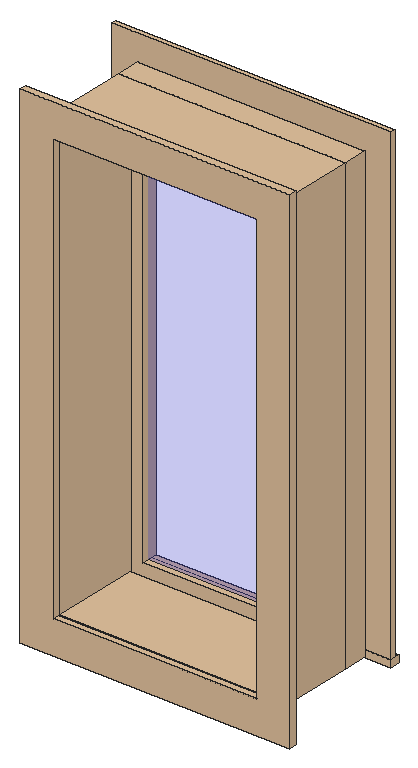
Revit family
Parameters (values of type "0610 x 1220mm")
  유리 창 재료 = 유리
  Height = 1220.00 mm
  섀시 = 섀시
  기본 씰 높이 = 915.00 mm
  자르기 외부 재료 = 자르기
  자르기 내부 재료 = 자르기
  자르기 투영 - 외부 = 13.00 mm
  자르기 투영 - 내부 = 19.00 mm
  자르기 폭 - 외부 = 89.00 mm
  자르기 폭 - 내부 = 89.00 mm
  Wall Closure = (empty or 0)
  Width = 610.00 mm
  창 인세트 = 19.00 mm
Types (10, lengths in mm): name | Height | 기본 씰 높이 | 자르기 투영 - 외부 | Width
  (no name) | 1220.00 | 915.00 | 13.00 | 610.00
  0915 x 1220mm | 1220.00 | 915.00 | 13.00 | 915.00
  0610 x 1220mm | 1220.00 | 915.00 | 13.00 | 610.00
  0610 x 0610mm | 610.00 | 915.00 | 13.00 | 610.00
  0406 x 0610mm | 610.00 | 915.00 | 13.00 | 406.00
  0406 x 1220mm | 1220.00 | 915.00 | 14.00 | 406.00
  0406 x 1830mm | 1830.00 | 305.00 | 13.00 | 406.00
  0610 x 1830mm | 1830.00 | 305.00 | 13.00 | 610.00
  0915 x 0610mm | 610.00 | 915.00 | 13.00 | 915.00
  0915 x 1830mm | 1830.00 | 305.00 | 13.00 | 915.00
Reference planes
  plane 1: y = 0
  plane 2: z = 0
  plane 3 "중심": x = -38.1
  plane 4 "왼쪽": x = -343.1
  plane 5 "오른쪽": x = 266.9
  plane 6 "씰": z = 915
  plane 7 "상단": z = 2135
  plane 8: y = 152.4
  plane 9: y = -152.4
  plane 10: y = 133.4
  plane 11: x = -324.05
  plane 12: x = -311.35
  plane 13: x = 247.85
  plane 14: x = 235.15
  plane 15: x = -413.05
  plane 16: x = -400.35
  plane 17: x = 324.15
  plane 18: x = 336.85
  plane 19: z = 2204.95
  plane 20: z = 2115.95
  plane 21: z = 2103.25
  plane 22: z = 2192.25
  plane 23: z = 946.75
  plane 24: z = 857.75
  plane 25 "마무리": y = 104.825
Forms (mm)
  Extrusion 1, solid, material "자르기" <- "자르기 외부 재료"
    sketch origin (0, 0, 0) x (1, 0, 0) y (0, 0, 1)
      loop
        line (-343.1, 2135) -> (-343.1, 915) -> (266.9, 915) -> (266.9, 2135) -> (-343.1, 2135)
      loop
        line (-324.05, 2115.95) -> (-324.05, 934.05) -> (247.85, 934.05) -> (247.85, 2115.95) -> (-324.05, 2115.95)
    from -152.4 to -88.95
  Extrusion 2, solid, material "자르기" <- "자르기 내부 재료"
    sketch origin (0, 0, 0) x (-1, 0, 0) y (0, 0, 1)
      loop
        line (-266.9, 2135) -> (-266.9, 915) -> (343.1, 915) -> (343.1, 2135) -> (-266.9, 2135)
      loop
        line (-235.15, 2103.25) -> (-235.15, 946.75) -> (311.35, 946.75) -> (311.35, 2103.25) -> (-235.15, 2103.25)
    from 88.95 to -152.4
  Extrusion 3, solid, material "섀시" <- "섀시"
    sketch origin (0, 0, 0) x (-1, 0, 0) y (0, 0, 1)
      loop
        line (-247.85, 2115.95) -> (-247.85, 934.05) -> (324.05, 934.05) -> (324.05, 2115.95) -> (-247.85, 2115.95)
      loop
        line (-203.4, 2071.5) -> (-203.4, 978.5) -> (279.6, 978.5) -> (279.6, 2071.5) -> (-203.4, 2071.5)
    from 88.95 to 133.4
  Extrusion 4, solid, material "유리" <- "유리 창 재료"
    sketch origin (-124.971, 0, -117.036) x (1, 0, 0) y (0, 0, 1)
      loop
        line (-154.629, 2188.536) -> (-154.629, 1095.536) -> (328.371, 1095.536) -> (328.371, 2188.536) -> (-154.629, 2188.536)
    from -117.525 to -104.825
  Extrusion 5, solid, material "자르기" <- "자르기 내부 재료"
    sketch origin (0, 0, 0) x (1, 0, 0) y (0, 0, 1)
      loop
        line (-311.35, 2103.25) -> (-311.35, 946.75) -> (235.15, 946.75) -> (235.15, 2103.25) -> (-311.35, 2103.25)
      loop
        line (-400.35, 2192.25) -> (-400.35, 857.75) -> (324.15, 857.75) -> (324.15, 2192.25) -> (-400.35, 2192.25)
    from 152.4 to 171.4
  Extrusion 6, solid, material "자르기" <- "자르기 외부 재료"
    sketch origin (0, 0, 0) x (-1, 0, 0) y (0, 0, 1)
      loop
        line (-247.85, 2115.95) -> (324.05, 2115.95) -> (324.05, 934.05) -> (413.05, 934.05) -> (413.05, 2204.95) -> (-336.85, 2204.95) -> (-336.85, 934.05) -> (-247.85, 934.05) -> (-247.85, 2115.95)
    from 152.4 to 165.4
  Extrusion 7, solid, material "자르기" <- "자르기 외부 재료"
    sketch origin (0, 0, 0) x (-1, 0, 0) y (0, 0, 1)
      loop
        line (-336.85, 934.05) -> (-336.85, 915) -> (413.05, 915) -> (413.05, 934.05) -> (-336.85, 934.05)
    from 152.4 to 178.1
Lines and regions (mm)
  Opening 1
    outline origin (-1524, -152.4, 0) x (1, 0, 0) y (0, 0, 1)
      loop
        line (1180.9, 2135) -> (1180.9, 915) -> (1790.9, 915) -> (1790.9, 2135) -> (1180.9, 2135)
  symbolic lines, style "WindowsFrameMullionProjection"
    curve 1: line (-343.1, 152.4, 0) -> (-324.05, 152.4, 0)
    curve 2: line (-324.05, 88.95, 0) -> (-324.05, 152.4, 0)
    curve 3: line (-324.05, 88.95, 0) -> (-311.35, 88.95, 0)
    curve 4: line (-311.35, -152.4, 0) -> (-311.35, 88.95, 0)
    curve 5: line (266.9, 152.4, 0) -> (247.85, 152.4, 0)
    curve 6: line (235.15, 88.95, 0) -> (235.15, -152.4, 0)
    curve 7: line (235.15, 88.95, 0) -> (247.85, 88.95, 0)
    curve 8: line (247.85, 88.95, 0) -> (247.85, 152.4, 0)
    curve 9: line (-324.05, 133.4, 0) -> (-279.6, 133.4, 0)
    curve 10: line (-324.05, 133.4, 0) -> (-324.05, 88.95, 0)
    curve 11: line (-324.05, 88.95, 0) -> (-279.6, 88.95, 0)
    curve 12: line (-279.6, 133.4, 0) -> (-279.6, 88.95, 0)
    curve 13: line (247.85, 133.4, 0) -> (203.4, 133.4, 0)
    curve 14: line (247.85, 133.4, 0) -> (247.85, 88.95, 0)
    curve 15: line (247.85, 88.95, 0) -> (203.4, 88.95, 0)
    curve 16: line (203.4, 133.4, 0) -> (203.4, 88.95, 0)
    curve 18: line (-311.35, -152.4, 0) -> (-343.1, -152.4, 0)
    curve 19: line (235.15, -152.4, 0) -> (266.9, -152.4, 0)
  symbolic lines, style "WindowsGlassProjection"
    curve 17: line (-279.6, 111.175, 0) -> (203.4, 111.175, 0)
Text (mm)
  text "외부" at (-1437.207, 1354.346, 0), in view "바닥 선"
  text "내부" at (-1490.695, -895.805, 0), in view "바닥 선"
  text "외부" at (0, 1108.87, 3415.022), in view "왼쪽"
  text "외부" at (0, 464.664, 3176.206), in view "오른쪽"
Dimensions and locks
  equal spacing: plane 4 "왼쪽", plane 3 "중심", plane 5 "오른쪽"
  "Width": plane 4 "왼쪽" to plane 5 "오른쪽"
  plane 2 to plane 24 to plane 6 "씰" to plane 21 to plane 7 "상단" = 857.75 mm, 57.25 mm, 1188.25 mm, 31.75 mm
  "창 인세트": plane 8 to plane 10
  locked: plane 10 to Extrusion 3 at 44.45
  locked: plane 10 to Extrusion 4 at 15.875
  locked: Extrusion 4 to Extrusion 4 at 12.7
  "자르기 투영 - 내부": Extrusion 5 to Extrusion 5
  "자르기 투영 - 외부": Extrusion 6 to Extrusion 6
  locked: Extrusion 7 sketch curve to Extrusion 1 at 19.05
  locked: Extrusion 7 to Extrusion 6 at 12.7
  locked: plane 4 "왼쪽" to plane 11 at 19.05
  locked: plane 13 to plane 5 "오른쪽" at 19.05
  locked: plane 14 to plane 5 "오른쪽" at 31.75
  locked: plane 4 "왼쪽" to plane 12 at 31.75
  "자르기 폭 - 외부": plane 13 to plane 18
  "자르기 폭 - 외부": plane 15 to plane 11
  locked: plane 20 to plane 7 "상단" at 19.05
  "자르기 폭 - 외부": plane 20 to plane 19
  "자르기 폭 - 내부": plane 16 to plane 12
  "자르기 폭 - 내부": plane 14 to plane 17
  locked: plane 7 "상단" to plane 21 at 31.75
  "자르기 폭 - 내부": plane 22 to plane 21
  locked: plane 23 to plane 6 "씰" at 31.75
  "자르기 폭 - 내부": plane 23 to plane 24
  "Height": plane 7 "상단" to plane 6 "씰"
  "기본 씰 높이": plane 6 "씰" to plane 2
  locked: plane 25 "마무리" to plane 8 at 47.575
  aligned and locked: plane 7 "상단" to Opening 1 sketch curve
  aligned and locked: plane 6 "씰" to Opening 1 sketch curve  (x2)
  aligned and locked: plane 5 "오른쪽" to Opening 1 sketch curve
  aligned and locked: plane 4 "왼쪽" to Opening 1 sketch curve
  aligned and locked: plane 9 to host wall
  aligned and locked: host wall to Extrusion 2
  aligned and locked: plane 10 to Extrusion 3
  aligned and locked: plane 8 to host wall
  aligned and locked: host wall to Extrusion 1
  aligned and locked: Extrusion 2 to Extrusion 1
  aligned and locked: Extrusion 1 to Extrusion 3
  aligned and locked: Extrusion 4 sketch curve to Extrusion 3  (x4)
  aligned and locked: curve 5 to Extrusion 1  (x2)
  aligned and locked: curve 6 to Extrusion 2
  aligned and locked: curve 4 to Extrusion 2
  aligned and locked: curve 16 to Extrusion 3
  aligned and locked: Extrusion 1 to curve 11
  aligned and locked: Extrusion 1 to curve 7
  aligned and locked: Extrusion 5 sketch curve to Extrusion 2  (x4)
  aligned and locked: Extrusion 5 to host wall
  aligned and locked: Extrusion 6 sketch curve to Extrusion 1  (x4)
  aligned and locked: Extrusion 6 to host wall
  aligned and locked: Extrusion 7 sketch curve to Extrusion 6  (x2)
  aligned and locked: Extrusion 7 to host wall
Automatic sketch dimensions
  Extrusion 1 sketch curve to plane 4 "왼쪽" = 0.00 mm
  Extrusion 1 sketch curve to plane 5 "오른쪽" = 0.00 mm
  Extrusion 1 sketch curve to plane 4 "왼쪽" = 19.05 mm
  plane 5 "오른쪽" to Extrusion 1 sketch curve = 19.05 mm
  Extrusion 1 sketch curve to plane 6 "씰" = 0.00 mm
  Extrusion 1 sketch curve to plane 7 "상단" = 0.00 mm
  Extrusion 1 sketch curve to plane 6 "씰" = 19.05 mm
  plane 7 "상단" to Extrusion 1 sketch curve = 19.05 mm
  Extrusion 2 sketch curve to plane 5 "오른쪽" = 0.00 mm
  Extrusion 2 sketch curve to plane 4 "왼쪽" = 0.00 mm
  plane 5 "오른쪽" to Extrusion 2 sketch curve = 31.75 mm
  Extrusion 2 sketch curve to plane 4 "왼쪽" = 31.75 mm
  Extrusion 2 sketch curve to plane 6 "씰" = 0.00 mm
  Extrusion 2 sketch curve to plane 7 "상단" = 0.00 mm
  Extrusion 2 sketch curve to plane 6 "씰" = 31.75 mm
  plane 7 "상단" to Extrusion 2 sketch curve = 31.75 mm
  plane 5 "오른쪽" to Extrusion 3 sketch curve = 19.05 mm
  plane 5 "오른쪽" to Extrusion 3 sketch curve = 63.50 mm
  Extrusion 3 sketch curve to plane 4 "왼쪽" = 63.50 mm
  Extrusion 3 sketch curve to plane 4 "왼쪽" = 19.05 mm
  Extrusion 3 sketch curve to plane 6 "씰" = 19.05 mm
  Extrusion 3 sketch curve to plane 6 "씰" = 63.50 mm
  plane 7 "상단" to Extrusion 3 sketch curve = 63.50 mm
  plane 7 "상단" to Extrusion 3 sketch curve = 19.05 mm
  curve 18 to plane 4 "왼쪽" = 0.00 mm
  curve 1 to plane 4 "왼쪽" = 0.00 mm
  curve 2 to plane 8 = 0.00 mm
  curve 10 to plane 10 = 0.00 mm
  curve 13 to plane 10 = 0.00 mm
  curve 19 to plane 5 "오른쪽" = 0.00 mm
  curve 1 to curve 2 = 19.05 mm
  curve 9 to curve 12 = 44.45 mm
  plane 5 "오른쪽" to curve 13 = 19.05 mm
  curve 19 to plane 9 = 0.00 mm
  curve 4 to plane 9 = 0.00 mm
  curve 11 to curve 17 = 22.225 mm
  Extrusion 7 sketch curve to plane 15 = 0.00 mm
  Extrusion 5 sketch curve to plane 16 = 0.00 mm
  Extrusion 5 sketch curve to plane 17 = 0.00 mm
  Extrusion 5 sketch curve to plane 24 = 0.00 mm
  Extrusion 5 sketch curve to plane 22 = 0.00 mm
  Extrusion 6 sketch curve to plane 18 = 0.00 mm
  Extrusion 6 sketch curve to plane 15 = 0.00 mm
  Extrusion 6 sketch curve to plane 19 = 0.00 mm
  Extrusion 6 sketch curve to plane 6 "씰" = 19.05 mm
